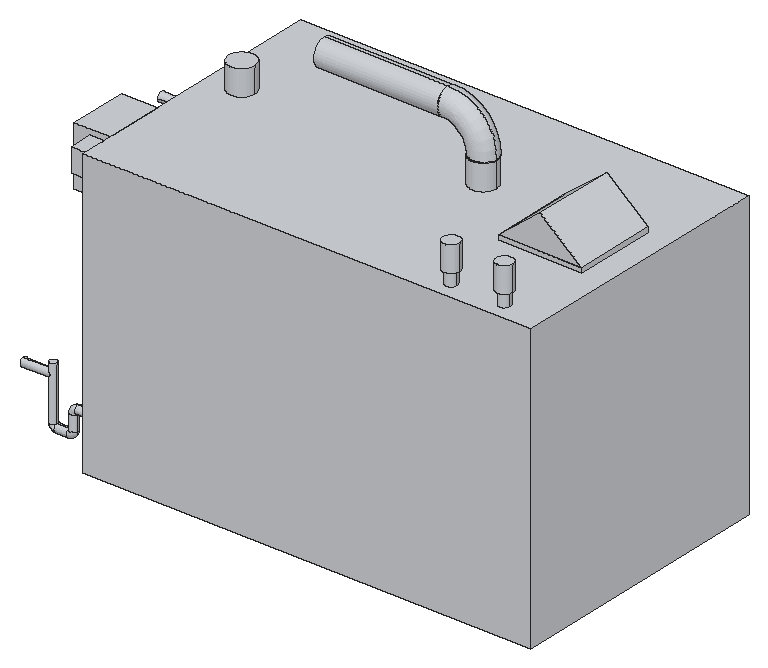
Revit family "AMP_BFIT 2500-3000 Water Heater Dual Fuel", category Mechanical Equipment, Revit 2019
Family settings
  Round Connector Dimension = Use Diameter
  Part Type = Normal
  OmniClass Number = 23.75.00.00
  OmniClass Title = Climate Control (HVAC)
  Work Plane-Based = No
  Always vertical = Yes
  Cut with Voids When Loaded = No
  Shared = No
  Room Calculation Point = No
Parameters (values of type "AMP/BFIT 2500-3000 Water Heater Dual Fuel")
  Width = 46"
  Length = 75 5/8"
  Height = 48 3/8"
  Voltage = ""
  Vent = "10\" EZ Vent"
  Manufacturer = "Bryan Steam"  # constant formula
  Hydronic Supply = "4\" Victaulic"
  Hydronic Return = "4\" Victaulic"
  Gas Train (Propane) = "1-1/2\" NPT"
  Gas Train (Natural Gas) = "1-1/2\" NPT"
  Condensate Trap = "1\" Pipe"
  Boiler Drain = "3/4\" NPT"
  Air Supply = "10\""
Reference planes
  plane 1 "Center (Front/Back)": y = 0
  plane 2: z = 0
  plane 3 "Center (Left/Right)": x = 0
  plane 4 "Vent": y = 96.749
  plane 5 "Condensate Trap": y = -457.2
  plane 6 "Supply 4" Victualic Elbow Style 10": x = 213.741
  plane 7 "3" Supply Manifold": z = 1466.85
  plane 8 "3" Supply Elbow Victaulic Style 10": y = 96.749
Forms (mm)
  Extrusion 1, solid
    sketch origin (0, 0, 0) x (1, 0, 0) y (0, 1, 0)
      loop
        line (-960.437, 584.2) -> (-960.437, -584.2) -> (960.438, -584.2) -> (960.438, 584.2) -> (-960.437, 584.2)
    from 0 to 1228.725
  Extrusion 2, solid
    sketch origin (0, 0, 1228.725) x (1, 0, 0) y (0, 1, 0)
      loop
        line (497.624, 177.8) -> (497.624, -177.8) -> (855.663, -177.8) -> (855.663, 177.8) -> (497.624, 177.8)
    from 0 to 21.63
  Extrusion 3, solid
    sketch origin (855.663, -177.8, 1228.725) x (-1, 0, 0) y (0, 0, -1)
      loop
        line (358.038, -21.63) -> (0, -21.63) -> (179.019, -167.063) -> (358.038, -21.63)
    from 0 to -355.6
  Extrusion 4, solid
    sketch origin (0, 0, 1228.725) x (1, 0, 0) y (0, 1, 0)
      loop
        circle (-820.737, 95.25) r 57.15
      loop
        circle (213.754, 95.25) r 57.15
    from 0 to 107.95
  Extrusion 5, solid
    sketch origin (-960.437, -584.2, 0) x (0, 1, 0) y (0, 0, -1)
      loop
        circle (987.425, -282.575) r 123.596
      loop
        circle (987.425, -282.575) r 119.863
    from 0 to 34.925
  Sweep 6, solid
    path origin (0, -457.2, 0) x (-1, 0, 0) y (0, 0, 1)
      loop
        line (960.437, 146.406) -> (1081.443, 146.406)
        arc (1081.443, 146.406) -> (1093.8, 141.287) -> (1098.918, 128.93) r 17.475
        line (1098.918, 128.93) -> (1098.918, 62.281)
        arc (1098.918, 62.281) -> (1104.037, 49.924) -> (1116.393, 44.806) r 17.475
        line (1116.393, 44.806) -> (1170.356, 44.806)
        arc (1170.356, 44.806) -> (1182.704, 49.92) -> (1187.818, 62.268) r 17.463
        line (1187.818, 62.268) -> (1187.818, 292.456)
    profile origin (-1020.94, -457.2, 146.406) x (0, 0, 1) y (0, 1, 0)
      loop
        circle (0, 0) r 16.701
  Revolve 7, solid
    sketch origin (0, -457.2, 0) x (-1, 0, 0) y (0, 0, 1)
      loop
        line (1316.037, 247.65) -> (1316.037, 264.351) -> (1187.45, 264.351) -> (1187.45, 247.65) -> (1316.037, 247.65)
      axis (1187.45, 247.65) -> (1316.037, 247.65)
    angle from 0 to 360
  Extrusion 8, solid
    sketch origin (-960.437, -584.2, 0) x (0, 1, 0) y (0, 0, -1)
      loop
        line (119.888, -1223.95) -> (119.888, -1122.35) -> (18.288, -1122.35) -> (18.288, -1223.95) -> (119.888, -1223.95)
    from 0 to 63.004
  Revolve 9, solid
    sketch origin (0, 95.25, 0) x (-1, 0, 0) y (0, 0, 1)
      loop
        line (1166.812, 766.775) -> (1160.126, 894.362) -> (906.474, 881.069) -> (913.161, 753.482) -> (1166.812, 766.775)
      axis (913.161, 753.482) -> (1166.812, 766.775)
    angle from 0 to 360
  Extrusion 10, solid
    sketch origin (-960.437, -584.2, 0) x (0, 1, 0) y (0, 0, -1)
      loop
        circle (679.45, -1076.325) r 13.335
      loop
        circle (679.45, -1076.325) r 10.465
    from 0 to 146.05
  Sweep 11, solid
    path origin (0, 96.749, 0) x (-1, 0, 0) y (0, 0, 1)
      loop
        line (-215.383, 1336.675) -> (-215.383, 1339.85)
        arc (-215.383, 1339.85) -> (-170.746, 1447.613) -> (-62.983, 1492.25) r 152.4
        line (-62.983, 1492.25) -> (468.312, 1492.25)
    profile origin (170.746, 96.749, 1447.613) x (0.707107, 0, 0.707107) y (0, 1, 0)
      loop
        circle (0, 0) r 57.15
  Extrusion 12, solid
    sketch origin (-960.437, -584.2, 0) x (0, 1, 0) y (0, 0, -1)
      loop
        line (403.225, -1227.138) -> (403.225, -973.138) -> (149.225, -973.138) -> (149.225, -1227.138) -> (403.225, -1227.138)
    from 0 to 155.575
  Extrusion 13, solid
    sketch origin (0, 0, 1228.725) x (1, 0, 0) y (0, 1, 0)
      loop
        circle (557.213, -504.825) r 24.13
      loop
        circle (785.813, -504.825) r 24.13
    from 0 to 57.15
  Extrusion 14, solid
    sketch origin (0, 0, 1285.875) x (1, 0, 0) y (0, 1, 0)
      loop
        circle (557.213, -504.825) r 34.925
      loop
        circle (785.825, -504.825) r 34.925
    from 0 to 107.95
  Extrusion 15, solid
    sketch origin (-1106.487, -584.2, 0) x (0, 1, 0) y (0, 0, -1)
      loop
        circle (679.45, -1076.325) r 19.05
    from 0 to 60.325
Lines and regions (mm)
  model lines
    curve 1: circle (213.897, 97.198, 1336.675) r 50.8 normal (0, 0, 1)
Dimensions and locks
  "Height": Extrusion 1 to level
  equal spacing: Extrusion 1 sketch curve, plane 3 "Center (Left/Right)", Extrusion 1 sketch curve
  "Length": Extrusion 1 sketch curve to Extrusion 1 sketch curve
  equal spacing: Extrusion 1 sketch curve, plane 1 "Center (Front/Back)", Extrusion 1 sketch curve
  "Width": Extrusion 1 sketch curve to Extrusion 1 sketch curve
  locked: Extrusion 2 sketch curve to Extrusion 1 at 104.775
  locked: Extrusion 2 sketch curve to Extrusion 2 sketch curve at 358.038
  locked: Extrusion 2 sketch curve to Extrusion 2 sketch curve at 355.6
  locked: Extrusion 2 sketch curve to Extrusion 1 at 406.4
  locked: Extrusion 1 to Extrusion 4 sketch curve at 488.95  (x2)
  locked: Extrusion 1 to Extrusion 5 sketch curve at 282.575
  Extrusion 1 to Extrusion 5 sketch curve = 7 1/8"
  Revolve 7 sketch curve to Revolve 7 sketch curve = 0.6575"
  level to plane 7 "3" Supply Manifold" = 57 3/4"
  locked: plane 3 "Center (Left/Right)" to plane 6 "Supply 4" Victualic Elbow Style 10" at 213.741
  locked: plane 8 "3" Supply Elbow Victaulic Style 10" to plane 1 "Center (Front/Back)" at 96.749
  locked: plane 4 "Vent" to plane 1 "Center (Front/Back)" at 96.749
  locked: plane 5 "Condensate Trap" to plane 1 "Center (Front/Back)" at 457.2
  locked: Sweep 6 sketch curve to Sweep 6 sketch curve at 88.9
  locked: Sweep 6 sketch curve to Sweep 6 sketch curve at 247.65
  locked: Revolve 7 sketch curve to Revolve 7 sketch curve at 128.588
  locked: Extrusion 8 sketch curve to Extrusion 8 sketch curve at 101.6  (x2)
  Extrusion 5 sketch curve to Extrusion 5 sketch curve = 0"  (x2)
  locked: Revolve 9 sketch curve to Revolve 9 sketch curve at 127.762
  Extrusion 1 to Extrusion 10 sketch curve = 42 3/8"
  equal spacing: Extrusion 1, Extrusion 10 sketch curve, Extrusion 10 sketch curve  (x2)
  locked: Extrusion 1 to Extrusion 10 sketch curve at 488.95
  locked: Extrusion 1 to Extrusion 4 sketch curve at 139.7
  locked: Extrusion 4 sketch curve to Extrusion 1 at 746.684
  locked: Extrusion 1 to Sweep 11 sketch curve at 492.125
  locked: Extrusion 1 to Sweep 11 sketch curve at 263.525
  locked: Extrusion 1 to Revolve 7 sketch curve at 247.65  (x2)
  locked: Extrusion 12 sketch curve to Extrusion 12 sketch curve at 254  (x2)
  locked: Extrusion 12 sketch curve to Extrusion 1 at 149.225
  locked: Extrusion 12 sketch curve to Extrusion 1 at 1.587
  locked: Extrusion 1 to Extrusion 13 sketch curve at 79.375  (x2)
  locked: Extrusion 13 sketch curve to Extrusion 1 at 403.225
  locked: Extrusion 1 to Extrusion 14 sketch curve at 79.375  (x2)
  locked: Extrusion 14 sketch curve to Extrusion 1 at 403.225
  locked: Extrusion 1 to Extrusion 15 sketch curve at 152.4
  locked: Extrusion 1 to Extrusion 15 sketch curve at 488.95
  locked: Extrusion 13 sketch curve to Extrusion 1 at 174.625
  locked: Extrusion 14 sketch curve to Extrusion 1 at 174.612
  diameter of Extrusion 13 sketch curve = 1.9"  (x2)
  diameter of Extrusion 14 sketch curve = 2 3/4"  (x2)
  diameter of Extrusion 15 sketch curve = 1 1/2"
  diameter of Sweep 11 sketch curve = 12"
  aligned and locked: level to plane 2
Automatic sketch dimensions
  Extrusion 3 sketch curve to Extrusion 2 = 0"  (x3)
  Extrusion 3 sketch curve to Extrusion 2 = 7.048"
  Extrusion 3 sketch curve to Extrusion 2 = 5.72571"
  Sweep 6 sketch curve to plane 5 "Condensate Trap" = 0"
  profile plane to Sweep 6 sketch curve = 0"
  Sweep 6 sketch curve to Sweep 6 sketch curve = 0.688"  (x2)
  Sweep 6 sketch curve to Sweep 6 sketch curve = 11/16"
  Sweep 6 sketch curve to Sweep 6 sketch curve = 2.624"
  Sweep 6 sketch curve to Sweep 6 sketch curve = 4.764"
  Revolve 7 sketch curve to Revolve 7 sketch curve = 0.2025"
  Revolve 7 sketch curve to Revolve 7 sketch curve = 0.828"
  Extrusion 5 sketch curve to Extrusion 5 sketch curve = 0"  (x2)
  Revolve 9 sketch curve to Revolve 9 sketch curve = 5.32404"
  Revolve 9 sketch curve to Revolve 9 sketch curve = 0"  (x2)
  level to Sweep 6 sketch curve = 5.764"
  Sweep 6 sketch curve to plane 3 "Center (Left/Right)" = 42.5765"
  Revolve 7 sketch curve to plane 3 "Center (Left/Right)" = 46 3/4"
  Extrusion 1 to Extrusion 8 sketch curve = 0.188"
  Extrusion 8 sketch curve to Extrusion 1 = 0.72"
  Revolve 9 sketch curve to plane 3 "Center (Left/Right)" = 35.68795"
  Revolve 9 sketch curve to plane 7 "3" Supply Manifold" = 28.08536"
  Revolve 9 sketch curve to Revolve 9 sketch curve = 0.26325"
  Revolve 9 sketch curve to plane 7 "3" Supply Manifold" = 22.53889"
  Extrusion 10 sketch curve to Extrusion 10 sketch curve = 0"  (x2)
  Sweep 11 sketch curve to plane 8 "3" Supply Elbow Victaulic Style 10" = 0"
  Sweep 11 sketch curve to profile plane = 0"
  plane 3 "Center (Left/Right)" to Sweep 11 sketch curve = 2.47964"
  Sweep 11 sketch curve to Sweep 11 sketch curve = 1/8"
  radius of Sweep 6 sketch curve = 0.6575"
  radius of Extrusion 5 sketch curve = 4.866"
  radius of Extrusion 5 sketch curve = 4.719"
  radius of Extrusion 10 sketch curve = 0.412"
  radius of Extrusion 10 sketch curve = 0.525"
  radius of Extrusion 4 sketch curve = 2 1/4"  (x2)
  radius of curve 1 = 2"
  radius of Sweep 11 sketch curve = 2 1/4"
Connectors
  piping at (-820.737, 95.25, 1336.675), diameter 101.6
    settings: on Extrusion 4, index 2, connector inside diameter 24", connector length 0", flow factor 0, pipe flow 0 GPM, pressure drop 0.00 psi, fitting loss kfactor 0, connector angle 0.00°, fixture units 0, engagement length 0", angle of deflection 0.00°, flow configuration 0, flow direction 1, fitting loss method 0, system type 8, joint type 0, gender type 0, connector reference index -1, connector utility 0, adjustable connector no, is connector primary yes, connector description ""
  piping at (-995.362, 403.225, 282.575), diameter 254
    settings: on Extrusion 5, index 4, connector inside diameter 24", connector length 0", flow factor 0, pipe flow 0 GPM, pressure drop 0.00 psi, fitting loss kfactor 0, connector angle 0.00°, fixture units 0, engagement length 0", angle of deflection 0.00°, flow configuration 0, flow direction 1, fitting loss method 0, system type 22, joint type 0, gender type 0, connector reference index -1, connector utility 0, adjustable connector no, is connector primary no, connector description ""
  piping at (-1316.037, -457.2, 247.65), diameter 25.4
    settings: on Revolve 7, index 6, connector inside diameter 24", connector length 0", flow factor 0, pipe flow 0 GPM, pressure drop 0.00 psi, fitting loss kfactor 0, connector angle 0.00°, fixture units 0, engagement length 0", angle of deflection 0.00°, flow configuration 0, flow direction 2, fitting loss method 0, system type 22, joint type 0, gender type 0, connector reference index -1, connector utility 0, adjustable connector no, is connector primary no, connector description ""
  piping at (-468.312, 96.749, 1492.25), diameter 101.6
    settings: on Sweep 11, index 7, connector inside diameter 24", connector length 0", flow factor 0, pipe flow 0 GPM, pressure drop 0.00 psi, fitting loss kfactor 0, connector angle 0.00°, fixture units 0, engagement length 0", angle of deflection 0.00°, flow configuration 0, flow direction 2, fitting loss method 0, system type 7, joint type 0, gender type 0, connector reference index -1, connector utility 0, adjustable connector no, is connector primary no, connector description ""
  piping at (-1166.812, 95.25, 766.775), diameter 254
    settings: on Revolve 9, index 9, connector inside diameter 24", connector length 0", flow factor 0, pipe flow 0 GPM, pressure drop 0.00 psi, fitting loss kfactor 0, connector angle 0.00°, fixture units 0, engagement length 0", angle of deflection 0.00°, flow configuration 0, flow direction 2, fitting loss method 0, system type 17, joint type 0, gender type 0, connector reference index -1, connector utility 0, adjustable connector no, is connector primary no, connector description ""
  piping at (557.213, -504.825, 1393.825), diameter 38.1
    settings: on Extrusion 14, index 10, connector inside diameter 24", connector length 0", flow factor 0, pipe flow 0 GPM, pressure drop 0.00 psi, fitting loss kfactor 0, connector angle 0.00°, fixture units 0, engagement length 0", angle of deflection 0.00°, flow configuration 0, flow direction 1, fitting loss method 0, system type 22, joint type 0, gender type 0, connector reference index -1, connector utility 0, adjustable connector no, is connector primary no, connector description ""
  piping at (-1166.812, 95.25, 1076.325), diameter 19.05
    settings: on Extrusion 15, index 11, connector inside diameter 24", connector length 0", flow factor 0, pipe flow 0 GPM, pressure drop 0.00 psi, fitting loss kfactor 0, connector angle 0.00°, fixture units 0, engagement length 0", angle of deflection 0.00°, flow configuration 0, flow direction 2, fitting loss method 0, system type 22, joint type 0, gender type 0, connector reference index -1, connector utility 0, adjustable connector no, is connector primary no, connector description ""
  piping at (785.825, -504.825, 1393.825), diameter 38.1
    settings: on Extrusion 14, index 12, connector inside diameter 24", connector length 0", flow factor 0, pipe flow 0 GPM, pressure drop 0.00 psi, fitting loss kfactor 0, connector angle 0.00°, fixture units 0, engagement length 0", angle of deflection 0.00°, flow configuration 0, flow direction 1, fitting loss method 0, system type 22, joint type 0, gender type 0, connector reference index -1, connector utility 0, adjustable connector no, is connector primary no, connector description ""
